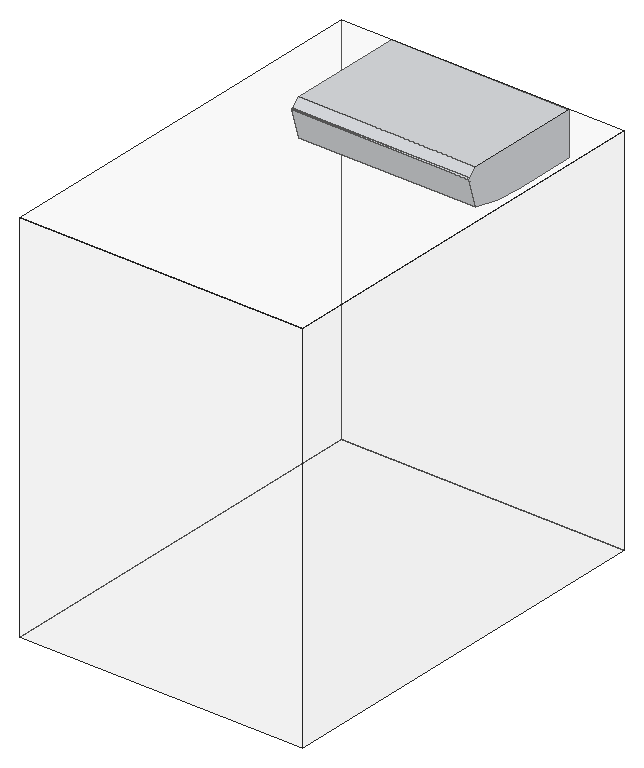
Revit family "pc-rp40160kal20_50hz", category 機械設備, Revit 2019
Family settings
  丸型コネクタ寸法 = 直径を使用
  パーツ タイプ = 標準
  OmniClass 番号 = 23.75.10.24.21.27.27
  OmniClass タイトル = Split System Air Conditioning Units
  作業面ベース = いいえ
  常に垂直 = はい
  ロード時にボイドで切り取り = いいえ
  共有 = いいえ
  部屋計算ポイント = はい
Parameters (values of type "天吊_PC-RP40KA20")
  風量_静 (㎥/min) = 9
  風量_弱 (㎥/min) = 10
  風量_中 (㎥/min) = 11
  風量_強 (㎥/min) = 13
  風量 = MAX風量  # 780.0 m³/h
  音響パワーレベル_静 (dB) = 48
  音響パワーレベル_弱 (dB) = 50
  音響パワーレベル_中 (dB) = 53
  音響パワーレベル(dB) = [音響パワーレベル_強 (dB)]  # 55
  音響パワーレベル_強 (dB) = 55
  電源種別 = ""
  電源_H = 0 mm
  電圧 = 0 V
  電動機出力_送風機 = 0.09 kW
  運転質量 = 0.00 kg
  連動 = ""
  質量 = if(製品質量 > 運転質量, 製品質量, 運転質量) * 1.2  # 28.80 kg
  負荷分類 = 3_ファン類
  説明 = "店舗・事務所用パッケージエアコン(Mr.SLIM) [本体] 天吊形室内機"
  設計暖房能力 = 0.00 kW
  設計冷房能力_顕熱 = 0 kW
  設計冷房能力 = 0 kW
  設置方法 = "天井吊形"
  記号 = ""
  製造元 = "三菱電機株式会社"
  製品質量 = 24.00 kg
  製品出荷対象 = "国内"
  製品リリース年月 = ""
  製品グループ = ""
  背面_液管接続口 = 184 mm
  背面_ドレン管接続口 = 233 mm
  背面_ガス管接続口 = 203 mm
  系統 = ""
  符号 = "ACP-CR"
  積算_科目 = "1 空気調和設備"
  積算_拾い区分 [instance] = ""
  相 = 1
  盤記号 = ""
  発停方法 = "付属スイッチ"
  特殊仕様 = ""
  点検口離隔 [instance] = if(点検口離隔入力値 > 200 mm, 200 mm, if(点検口離隔入力値 < 150 mm, 150 mm, 点検口離隔入力値))  # 150 mm
  点検口離隔入力値 [instance] = 0 mm
  点検口設置範囲 = 0 mm
  点検口 = yes
  火災停止 = ""
  消費電力_暖房 = 0.04 kW
  消費電力_冷房 = 0.05 kW
  消費電力 = if(消費電力_冷房 > 消費電力_暖房, 消費電力_冷房, 消費電力_暖房)  # 0.05 kW
  法定耐用年数 = "6"
  極数 = 1
  材質 = ""
  本体マテリアル = none
  有効加湿量 = 0
  暖房能力 = 4.00 kW
  推奨ブレーカー容量 = 0 A
  形式_加湿器 = ""
  形式 = "天井吊（露出）形"
  幹線記号 = ""
  始動方式 = "直入"
  呼称 = "室内機_天井吊(露出)形"
  周波数 = 50 Hz
  吊り位置Y = 320 mm
  吊り位置X = 917 mm
  吊りボルト_H = 50 mm
  台数_手元リモコン = ""
  台数_冷媒分岐ユニット = ""
  参照している仕様書等のバージョン = "公共建築物標準仕様書（機械設備工事編）平成31年度版"
  加湿給水管径 = 0 mm
  分類コード = "5.0053E+13"
  分類グループ = ""
  冷房能力 = 3.6 kW
  冷媒高低圧ガス管径 = 0 mm
  冷媒管径符号 = "Ac"
  冷媒管径 = 100 mm
  冷媒液管高さ = 126 mm
  冷媒液管径 = 6.35 mm
  冷媒ガス管高さ = 126 mm
  冷媒ガス管径 = 12.7 mm
  価格 = 0
  企業コード = "108420"
  付属品_フィルター = ""
  付属品 = ""
  仕様書バージョン = "Version1.0"
  モデル = "PC-RP40KA20"
  パネルマテリアル = none
  ドレン管高さ = 190 mm
  ドレン管径 (外径) = 26 mm
  ドレン管径 = 20 mm
  サービススペース = yes
  コメント [instance] = ""
  ケーブル種類1 = ""
  ケーブルサイズ1 = 0 mm
  【値が 0 の項目は組合せ形名にてご確認ください】 = ""
  Width = 960 mm
  Version = ""
  Uniclass2015Version = "Systems v1.9"
  Uniclass2015Title = "Split coil remote air cooled condensing units"
  Uniclass2015Code = "Pr_70_65_03_84"
  URL = "https://www.mitsubishielectric.co.jp/ldg/wink/ssl/top.do"
  SpecificationReference = ""
  SpecificationDescription = ""
  Revision = ""
  ProductInformation = ""
  OmniClassCode = "23-33 17 13 11"
  MIN風量 = [風量_静 (㎥/min)] * 60.0 m³/h  # 540.0 m³/h
  MID風量2 = [風量_弱 (㎥/min)] * 60.0 m³/h  # 600.0 m³/h
  MID風量 = [風量_中 (㎥/min)] * 60.0 m³/h  # 660.0 m³/h
  MAX風量 = [風量_強 (㎥/min)] * 60.0 m³/h  # 780.0 m³/h
  IfcTypeProduct = ""
  IfcProduct = ""
  IfcExportType = "AIRCONDITIONINGUNIT"
  IfcExportAs = "IfcUnitaryEquipmentType"
  Height_本体 = 230 mm
  Height = Height_本体 + 6 mm  # 236 mm
  Depth = 680 mm
  Clearance Top = 1 mm
  Clearance Right = 300 mm
  Clearance Left = 270 mm
  Clearance Front = 1500 mm
  Clearance Bottom = 1800 mm
  Clearance Back = 0 mm
  Author = "三菱電機株式会社"
Types (20, lengths in mm): name | 風量_静 (㎥/min) | 風量_弱 (㎥/min) | 風量_中 (㎥/min) | 風量_強 (㎥/min) | 風量 | 音響パワーレベル_静 (dB) | 音響パワーレベル_弱 (dB) | 音響パワーレベル_中 (dB) | 音響パワーレベル(dB) | 音響パワーレベル_強 (dB) | 電動機出力_送風機 | 質量 | 製品質量 | 製品リリース年月 | 背面_液管接続口 | 背面_ガス管接続口 | 消費電力_暖房 | 消費電力_冷房 | 消費電力 | 暖房能力 | 吊り位置X | 冷房能力 | 冷媒管径符号 | 冷媒液管径 | 冷媒ガス管径 | モデル | Width | MIN風量 | MID風量2 | MID風量 | MAX風量
  天吊_PC-RP45KAL20 | 9 | 10 | 11 | 13 | 780.0 m³/h | 48 | 50 | 53 | 55 | 55 | 0.09 kW | 28.80 kg | 24.00 kg | "" | 184 | 203 | 0.04 kW | 0.05 kW | 0.05 kW | 4.50 kW | 917 | 4 kW | "Ac" | 6.35 | 12.7 | "PC-RP45KAL20" | 960 | 540.0 m³/h | 600.0 m³/h | 660.0 m³/h | 780.0 m³/h
  天吊_PC-RP56KAL20 | 10 | 11 | 12 | 13 | 780.0 m³/h | 48 | 50 | 53 | 55 | 55 | 0.09 kW | 30.00 kg | 25.00 kg | "" | 184 | 203 | 0.05 kW | 0.06 kW | 0.06 kW | 5.60 kW | 917 | 5 kW | "Ac" | 6.35 | 12.7 | "PC-RP56KAL20" | 960 | 600.0 m³/h | 660.0 m³/h | 720.0 m³/h | 780.0 m³/h
  天吊_PC-RP71KAL20 | 13 | 16 | 18 | 20 | 1200.0 m³/h | 50 | 53 | 55 | 57 | 57 | 0.095 kW | 38.40 kg | 32.00 kg | "" | 180 | 200 | 0.09 kW | 0.10 kW | 0.10 kW | 7.10 kW | 1237 | 6.3 kW | "Bd" | 9.52 | 15.88 | "PC-RP71KAL20" | 1280 | 780.0 m³/h | 960.0 m³/h | 1080.0 m³/h | 1200.0 m³/h
  天吊_PC-RP80KAL20 | 13 | 16 | 18 | 20 | 1200.0 m³/h | 50 | 53 | 55 | 57 | 57 | 0.095 kW | 38.40 kg | 32.00 kg | "" | 180 | 200 | 0.09 kW | 0.10 kW | 0.10 kW | 8.00 kW | 1237 | 7.1 kW | "Bd" | 9.52 | 15.88 | "PC-RP80KAL20" | 1280 | 780.0 m³/h | 960.0 m³/h | 1080.0 m³/h | 1200.0 m³/h
  天吊_PC-RP112KAL20 | 20 | 22 | 26 | 29 | 1740.0 m³/h | 54 | 56 | 59 | 62 | 62 | 0.16 kW | 45.60 kg | 38.00 kg | "" | 180 | 200 | 0.11 kW | 0.12 kW | 0.12 kW | 11.20 kW | 1557 | 10 kW | "Bd" | 9.52 | 15.88 | "PC-RP112KAL20" | 1600 | 1200.0 m³/h | 1320.0 m³/h | 1560.0 m³/h | 1740.0 m³/h
  天吊_PC-RP140KAL20 | 21 | 24 | 27 | 31 | 1860.0 m³/h | 56 | 58 | 61 | 63 | 63 | 0.16 kW | 45.60 kg | 38.00 kg | "0" | 180 | 200 | 0.13 kW | 0.14 kW | 0.14 kW | 14.00 kW | 1557 | 12.5 kW | "Bd" | 9.52 | 15.88 | "PC-RP140KAL20" | 1600 | 1260.0 m³/h | 1440.0 m³/h | 1620.0 m³/h | 1860.0 m³/h
  天吊_PC-RP160KAL20 | 22 | 25 | 28 | 33 | 1980.0 m³/h | 58 | 60 | 62 | 65 | 65 | 0.16 kW | 45.60 kg | 38.00 kg | "" | 180 | 200 | 0.16 kW | 0.17 kW | 0.17 kW | 16.00 kW | 1557 | 14 kW | "Bd" | 9.52 | 15.88 | "PC-RP160KAL20" | 1600 | 1320.0 m³/h | 1500.0 m³/h | 1680.0 m³/h | 1980.0 m³/h
  天吊_PC-RP63KAL20 | 12 | 14 | 15 | 17 | 1020.0 m³/h | 49 | 51 | 53 | 55 | 55 | 0.095 kW | 38.40 kg | 32.00 kg | "" | 184 | 203 | 0.06 kW | 0.07 kW | 0.07 kW | 6.30 kW | 1237 | 5.6 kW | "Ac" | 6.35 | 12.7 | "PC-RP63KAL20" | 1280 | 720.0 m³/h | 840.0 m³/h | 900.0 m³/h | 1020.0 m³/h
  天吊_PC-RP40KAL20 | 9 | 10 | 11 | 13 | 780.0 m³/h | 48 | 50 | 53 | 55 | 55 | 0.09 kW | 28.80 kg | 24.00 kg | "" | 184 | 203 | 0.04 kW | 0.05 kW | 0.05 kW | 4.00 kW | 917 | 3.6 kW | "Ac" | 6.35 | 12.7 | "PC-RP40KAL20" | 960 | 540.0 m³/h | 600.0 m³/h | 660.0 m³/h | 780.0 m³/h
  天吊_PC-RP50KAL20 | 10 | 11 | 12 | 13 | 780.0 m³/h | 48 | 50 | 53 | 55 | 55 | 0.09 kW | 30.00 kg | 25.00 kg | "" | 184 | 203 | 0.05 kW | 0.06 kW | 0.06 kW | 5.00 kW | 917 | 4.5 kW | "Ac" | 6.35 | 12.7 | "PC-RP50KAL20" | 960 | 600.0 m³/h | 660.0 m³/h | 720.0 m³/h | 780.0 m³/h
  天吊_PC-RP112KA20 | 20 | 22 | 26 | 29 | 1740.0 m³/h | 54 | 56 | 59 | 62 | 62 | 0.16 kW | 45.60 kg | 38.00 kg | "" | 180 | 200 | 0.11 kW | 0.12 kW | 0.12 kW | 11.20 kW | 1557 | 10 kW | "Bd" | 9.52 | 15.88 | "PC-RP112KA20" | 1600 | 1200.0 m³/h | 1320.0 m³/h | 1560.0 m³/h | 1740.0 m³/h
  天吊_PC-RP140KA20 | 21 | 24 | 27 | 31 | 1860.0 m³/h | 56 | 58 | 61 | 63 | 63 | 0.16 kW | 45.60 kg | 38.00 kg | "" | 180 | 200 | 0.13 kW | 0.14 kW | 0.14 kW | 14.00 kW | 1557 | 12.5 kW | "Bd" | 9.52 | 15.88 | "PC-RP140KA20" | 1600 | 1260.0 m³/h | 1440.0 m³/h | 1620.0 m³/h | 1860.0 m³/h
  天吊_PC-RP160KA20 | 22 | 25 | 28 | 33 | 1980.0 m³/h | 58 | 60 | 62 | 65 | 65 | 0.16 kW | 45.60 kg | 38.00 kg | "" | 180 | 200 | 0.16 kW | 0.17 kW | 0.17 kW | 16.00 kW | 1557 | 14 kW | "Bd" | 9.52 | 15.88 | "PC-RP160KA20" | 1600 | 1320.0 m³/h | 1500.0 m³/h | 1680.0 m³/h | 1980.0 m³/h
  天吊_PC-RP40KA20 | 9 | 10 | 11 | 13 | 780.0 m³/h | 48 | 50 | 53 | 55 | 55 | 0.09 kW | 28.80 kg | 24.00 kg | "" | 184 | 203 | 0.04 kW | 0.05 kW | 0.05 kW | 4.00 kW | 917 | 3.6 kW | "Ac" | 6.35 | 12.7 | "PC-RP40KA20" | 960 | 540.0 m³/h | 600.0 m³/h | 660.0 m³/h | 780.0 m³/h
  天吊_PC-RP45KA20 | 9 | 10 | 11 | 13 | 780.0 m³/h | 48 | 50 | 53 | 55 | 55 | 0.09 kW | 28.80 kg | 24.00 kg | "" | 184 | 203 | 0.04 kW | 0.05 kW | 0.05 kW | 4.50 kW | 917 | 4 kW | "Ac" | 6.35 | 12.7 | "PC-RP45KA20" | 960 | 540.0 m³/h | 600.0 m³/h | 660.0 m³/h | 780.0 m³/h
  天吊_PC-RP50KA20 | 10 | 11 | 12 | 13 | 780.0 m³/h | 48 | 50 | 53 | 55 | 55 | 0.09 kW | 30.00 kg | 25.00 kg | "" | 184 | 203 | 0.05 kW | 0.06 kW | 0.06 kW | 5.00 kW | 917 | 4.5 kW | "Ac" | 6.35 | 12.7 | "PC-RP50KA20" | 960 | 600.0 m³/h | 660.0 m³/h | 720.0 m³/h | 780.0 m³/h
  天吊_PC-RP56KA20 | 10 | 11 | 12 | 13 | 780.0 m³/h | 48 | 50 | 53 | 55 | 55 | 0.09 kW | 30.00 kg | 25.00 kg | "" | 184 | 203 | 0.05 kW | 0.06 kW | 0.06 kW | 5.60 kW | 917 | 5 kW | "Ac" | 6.35 | 12.7 | "PC-RP56KA20" | 960 | 600.0 m³/h | 660.0 m³/h | 720.0 m³/h | 780.0 m³/h
  天吊_PC-RP63KA20 | 12 | 14 | 15 | 17 | 1020.0 m³/h | 49 | 51 | 53 | 55 | 55 | 0.095 kW | 38.40 kg | 32.00 kg | "" | 184 | 203 | 0.06 kW | 0.07 kW | 0.07 kW | 6.30 kW | 1237 | 5.6 kW | "Ac" | 6.35 | 12.7 | "PC-RP63KA20" | 1280 | 720.0 m³/h | 840.0 m³/h | 900.0 m³/h | 1020.0 m³/h
  天吊_PC-RP71KA20 | 13 | 16 | 18 | 20 | 1200.0 m³/h | 50 | 53 | 55 | 57 | 57 | 0.095 kW | 38.40 kg | 32.00 kg | "" | 180 | 200 | 0.09 kW | 0.10 kW | 0.10 kW | 7.10 kW | 1237 | 6.3 kW | "Bd" | 9.52 | 15.88 | "PC-RP71KA20" | 1280 | 780.0 m³/h | 960.0 m³/h | 1080.0 m³/h | 1200.0 m³/h
  天吊_PC-RP80KA20 | 13 | 16 | 18 | 20 | 1200.0 m³/h | 50 | 53 | 55 | 57 | 57 | 0.095 kW | 38.40 kg | 32.00 kg | "" | 180 | 200 | 0.09 kW | 0.10 kW | 0.10 kW | 8.00 kW | 1237 | 7.1 kW | "Bd" | 9.52 | 15.88 | "PC-RP80KA20" | 1280 | 780.0 m³/h | 960.0 m³/h | 1080.0 m³/h | 1200.0 m³/h
Reference planes
  plane 1 "中心(正面/背面)": y = 0
  plane 2: z = 0
  plane 3 "中心(左/右)": x = 0
  plane 4: z = 236
  plane 5: y = 260
  plane 6: y = -60
  plane 7: y = 340
  plane 8: y = -340
  plane 9: x = -480
  plane 10: x = 480
  plane 11: x = -750
  plane 12: x = 780
  plane 13 "back": y = 340
  plane 14: y = -1840
  plane 15: z = 237
  plane 16: z = -1800
  plane 17: x = 394
  plane 18: x = 309
  plane 19: z = 110
  plane 20 "液管": y = 156
  plane 21: y = 340
  plane 22 "ガス管": y = 137
  plane 23 "ドレン管": y = 107
  plane 24: x = 342
  plane 25: z = 46
  plane 26: x = -405
  plane 27: x = 351.5
Forms (mm)
  Extrusion 1, solid, detail levels fine
    sketch origin (0, 156, 0) x (0, 0, -1) y (1, 0, 0)
      loop
        circle (-110, 309) r 3.175
    from 0 to 100
  Extrusion 2, solid, detail levels fine
    sketch origin (0, 137, 0) x (0, 0, -1) y (1, 0, 0)
      loop
        circle (-110, 394) r 6.35
    from 0 to 100
  Extrusion 3, solid, detail levels fine
    sketch origin (0, 107, 0) x (0, 0, -1) y (1, 0, 0)
      loop
        circle (-46, 342) r 13
    from 0 to 100
  Extrusion 4, solid, detail levels fine
    sketch origin (0, 107, 0) x (0, 0, -1) y (1, 0, 0)
      loop
        circle (-46, -405) r 13
    from 0 to 100
  Extrusion 5, solid, detail levels fine
    sketch origin (0, 137, 0) x (0, 0, -1) y (1, 0, 0)
      loop
        circle (-110, 351.5) r 50
    from 0 to 120
Dimensions and locks
  "吊り位置Y": plane 6 to plane 5
  equal spacing: plane 8, plane 1 "中心(正面/背面)", plane 7
  "Depth": plane 8 to plane 7
  equal spacing: plane 9, plane 3 "中心(左/右)", plane 10
  "Width": plane 9 to plane 10
  "Clearance Back": plane 7 to plane 13 "back"
  "Clearance Front": plane 14 to plane 8
  "Clearance Right": plane 10 to plane 12
  "Clearance Left": plane 11 to plane 9
  "Height": plane 4 to level
  locked: plane 5 to plane 7 at 80
  "Clearance Bottom": level to plane 16
  "Clearance Top": plane 15 to plane 4
  plane 10 to plane 9 = 960 mm
  "背面_液管接続口": plane 20 "液管" to plane 21
  "背面_ガス管接続口": plane 22 "ガス管" to plane 21
  "背面_ドレン管接続口": plane 23 "ドレン管" to plane 21
  "冷媒ガス管高さ": plane 4 to plane 19
  "ドレン管高さ": plane 4 to plane 25
  plane 17 to plane 27 to plane 18 = 42.5 mm, 42.5 mm
  locked: plane 10 to plane 17 at 86
  locked: plane 17 to plane 18 at 85
  locked: plane 10 to plane 24 at 138
  locked: plane 26 to plane 9 at 75
  diameter of Extrusion 2 = 12.7 mm
  diameter of Extrusion 1 = 6.35 mm
  "ドレン管径 (外径)": diameter of Extrusion 3
  "ドレン管径 (外径)": diameter of Extrusion 4
  aligned and locked: level to plane 2
  aligned and locked: nested 2 to plane 5
  aligned and locked: plane 6 to nested 2
  aligned and locked: nested 1 to plane 11
  aligned and locked: nested 1 to plane 12
  aligned and locked: plane 14 to nested 1
  aligned and locked: plane 13 "back" to nested 1
  aligned and locked: plane 15 to nested 1
  aligned and locked: plane 1 "中心(正面/背面)" to nested 3
  aligned and locked: plane 3 "中心(左/右)" to nested 3
  aligned and locked: plane 16 to nested 1
  aligned and locked: Extrusion 1 to plane 20 "液管"
  aligned and locked: Extrusion 2 to plane 22 "ガス管"
  aligned and locked: Extrusion 3 to plane 23 "ドレン管"
  aligned and locked: Extrusion 4 to plane 23 "ドレン管"
Automatic sketch dimensions
  Extrusion 1 sketch curve to plane 18 = 0 mm
  Extrusion 1 sketch curve to plane 19 = 0 mm
  Extrusion 2 sketch curve to plane 17 = 0 mm
  Extrusion 2 sketch curve to plane 19 = 0 mm
  Extrusion 3 sketch curve to plane 24 = 0 mm
  Extrusion 3 sketch curve to plane 25 = 0 mm
  Extrusion 4 sketch curve to plane 25 = 0 mm
  Extrusion 4 sketch curve to plane 26 = 0 mm
  Extrusion 5 sketch curve to plane 19 = 0 mm
  Extrusion 5 sketch curve to plane 27 = 0 mm
  radius of Extrusion 1 sketch curve = 3.175 mm
  radius of Extrusion 2 sketch curve = 6.35 mm
  radius of Extrusion 3 sketch curve = 13 mm
  radius of Extrusion 4 sketch curve = 13 mm
  radius of Extrusion 5 sketch curve = 50 mm
Nested families
  nested 1: "サービススペース" at (15, -750, -781.5), visible <- "サービススペース", type "サービススペース"
    with Width 1530 mm, Height 2037 mm, Depth 2180 mm
  nested 2: "固定点" at (-458.5, -60, 0), type "固定点"
    with W 917 mm, D 320 mm
  nested 3: "PCFY-P-KMG" at (0, 0, 0), type "PCFY-P-KMG", detail levels fine
Connectors
  electrical at (196, 339, 206), driven by "極数", driven by "負荷分類", driven by "電圧", driven by "消費電力"
    settings: on nested 3, index 1, voltage 0 V, apparent load 50 VA, apparent load phase1 0 VA, apparent load phase2 0 VA, apparent load phase3 0 VA, power factor 1, load classification "3_ファン類", number of poles 1, system type 30, power factor state 1, is connector primary yes, connector utility no, sub classification motor no, connector description ""
  piping at (351.5, 137, 110), diameter 100, driven by "冷媒管径"
    settings: on Extrusion 5, index 2, connector inside diameter 609.6 mm, connector length 0 mm, flow factor 0, pipe flow 0.0 L/s, pressure drop 0.0 Pa, fitting loss kfactor 0, connector angle 0.00°, fixture units 0, engagement length 0 mm, angle of deflection 0.00°, flow configuration 1, flow direction 1, fitting loss method 4, system type 7, joint type 0, gender type 0, connector reference index -1, connector utility 0, adjustable connector no, is connector primary yes, connector description "冷媒管"
  piping at (342, 107, 46), diameter 20, driven by "ドレン管径"
    settings: on Extrusion 3, index 3, connector inside diameter 609.6 mm, connector length 0 mm, flow factor 0, pipe flow 0.0 L/s, pressure drop 0.0 Pa, fitting loss kfactor 0, connector angle 0.00°, fixture units 0, engagement length 0 mm, angle of deflection 0.00°, flow configuration 1, flow direction 2, fitting loss method 0, system type 16, joint type 0, gender type 0, connector reference index -1, connector utility 0, adjustable connector no, is connector primary no, connector description "ドレン管1"
  piping at (-405, 107, 46), diameter 20, driven by "ドレン管径"
    settings: on Extrusion 4, index 4, connector inside diameter 609.6 mm, connector length 0 mm, flow factor 0, pipe flow 0.0 L/s, pressure drop 0.0 Pa, fitting loss kfactor 0, connector angle 0.00°, fixture units 0, engagement length 0 mm, angle of deflection 0.00°, flow configuration 1, flow direction 2, fitting loss method 0, system type 16, joint type 0, gender type 0, connector reference index -1, connector utility 0, adjustable connector no, is connector primary no, connector description "ドレン管2"
Definition of nested family "サービススペース"
  Parameters (values of type "サービススペース")
    Width [instance] = 500 mm
    Height [instance] = 500 mm
    Depth [instance] = 500 mm
  Reference planes
    plane 1 "中心(正面/背面)": y = 0
    plane 2: z = 0
    plane 3 "中心(左/右)": x = 0
    plane 4: y = -250
    plane 5: x = 250
    plane 6: y = 250
    plane 7: x = -250
    plane 8: z = 250
    plane 9: z = -250
  Forms (mm)
    Extrusion 1, solid
      sketch origin (-638.939, 0, 72.39) x (1, 0, 0) y (0, 1, 0)
        loop
          line (388.939, 250) -> (388.939, -250) -> (888.939, -250) -> (888.939, 250) -> (388.939, 250)
      from -322.39 to 177.61
  Lines and regions (mm)
    symbolic lines
      curve 1: line (-250, 0, 250) -> (250, 0, 250)
      curve 2: line (-250, 0, -250) -> (-250, 0, 250)
      curve 3: line (250, 0, -250) -> (-250, 0, -250)
      curve 4: line (250, 0, 250) -> (250, 0, -250)
      curve 5: line (0, -250, 250) -> (0, 250, 250)
      curve 6: line (0, -250, -250) -> (0, -250, 250)
      curve 7: line (0, 250, -250) -> (0, -250, -250)
      curve 8: line (0, 250, 250) -> (0, 250, -250)
      curve 9: line (-250, 250, 0) -> (250, 250, 0)
      curve 10: line (-250, -250, 0) -> (-250, 250, 0)
      curve 11: line (250, -250, 0) -> (-250, -250, 0)
      curve 12: line (250, 250, 0) -> (250, -250, 0)
  Dimensions and locks
    equal spacing: plane 7, plane 3 "中心(左/右)", plane 5
    equal spacing: plane 4, plane 1 "中心(正面/背面)", plane 6
    "Depth": plane 4 to plane 6
    "Width": plane 7 to plane 5
    equal spacing: plane 8, plane 2, plane 9
    "Height": plane 8 to plane 9
    aligned and locked: plane 9 to curve 3
    aligned and locked: plane 7 to curve 2
    aligned and locked: curve 4 to plane 5
    aligned and locked: plane 5 to Extrusion 1
    aligned and locked: Extrusion 1 to plane 7
    aligned and locked: Extrusion 1 to plane 9
    aligned and locked: plane 8 to Extrusion 1
    aligned and locked: plane 9 to curve 7
  Automatic sketch dimensions
    plane 4 to Extrusion 1 sketch curve = 0 mm
    Extrusion 1 sketch curve to plane 7 = 0 mm
    Extrusion 1 sketch curve to plane 5 = 0 mm
    plane 6 to Extrusion 1 sketch curve = 0 mm
    curve 2 to plane 8 = 0 mm
    plane 4 to curve 11 = 0 mm
    curve 11 to plane 7 = 0 mm
    curve 11 to plane 5 = 0 mm
    plane 6 to curve 10 = 0 mm
    curve 7 to plane 4 = 0 mm
    curve 7 to plane 6 = 0 mm
    curve 6 to plane 8 = 0 mm
Definition of nested family "PCFY-P-KMG"
  Parameters (values of type "PCFY-P-KMG")
    配線取出口サイズ = 22 mm
    配線取出口-Z = 0 mm
    配線取出口-Y = 0 mm
    配線取出口-X = 0 mm
    液配管サイズ = 100 mm
    高さ = 236 mm
    奥行き = 680 mm
    吊りボルト_H = 50 mm
    冷媒配管サイズ = 6.35 mm
    冷媒液管径-Z = 0 mm
    冷媒液管径-Y = 0 mm
    冷媒液管径-X = 0 mm
    冷媒ガス管径-Z = 0 mm
    冷媒ガス管径-Y = 0 mm
    冷媒ガス管径-X = 0 mm
    吊りボルト-W = 917 mm
    マテリアル = none
    ドレン配管サイズ = 26 mm
    ドレン管径-Z = 0 mm
    ドレン管径-Y = 0 mm
    ドレン管径-X = 0 mm
    ガス配管サイズ = 12.7 mm
    吊りボルト-D = 320 mm
    幅さ = 960 mm
  Reference planes
    plane 1 "中心(正面/背面)": y = 0
    plane 2: z = 0
    plane 3 "中心(左/右)": x = 0
    plane 4: z = 236
    plane 5: x = -480
    plane 6: x = 480
    plane 7: y = 340
    plane 8: y = -340
    plane 9: y = -289
    plane 10: y = -330
    plane 11: y = -335
    plane 12: z = 84
    plane 13: z = 172
    plane 14: z = 195
    plane 15: z = 200
    plane 16: z = 40
    plane 17: x = -426.5
    plane 18: x = 426.5
    plane 19: y = -136
    plane 20: y = -193
    plane 21: y = 86
    plane 22: z = 110
    plane 23: x = -469
    plane 24: y = 156
    plane 25: y = 137
    plane 26: y = 94
    plane 27: x = -158
    plane 28: z = 206
    plane 29: x = 196
    plane 30: x = 158
    plane 31: y = 140
  Forms (mm)
    Extrusion 1, solid, material <- "マテリアル"
      sketch origin (480, 1296.25, 1200) x (0, 1, 0) y (0, 0, 1)
        loop
          line (-1585.25, -964) -> (-1626.25, -1000) -> (-1631.25, -1000) -> (-1636.25, -1005) -> (-1585.25, -1160)
          arc (-1585.25, -1160) -> (-1442.128, -1189.953) -> (-1296.25, -1200) r 1064.013
          line (-1296.25, -1200) -> (-956.25, -1200) -> (-956.25, -964) -> (-1585.25, -964)
      from -960 to 0
    Extrusion 2, solid, material <- "マテリアル"
      sketch origin (674, 0, 0) x (1, 0, 0) y (0, 0, 1)
        loop
          circle (-478, 206) r 11
      from -339 to -340
    Extrusion 3, solid, material <- "マテリアル"
      sketch origin (636, 0, 0) x (1, 0, 0) y (0, 0, 1)
        loop
          circle (-478, 206) r 11
      from -339 to -340
    Extrusion 4, solid, material <- "マテリアル"
      sketch origin (674, 0, -169) x (1, 0, 0) y (0, 0, 1)
        loop
          circle (-478, 206) r 11
      from -339 to -340
    Extrusion 5, solid, material <- "マテリアル"
      sketch origin (636, 0, -169) x (1, 0, 0) y (0, 0, 1)
        loop
          circle (-478, 206) r 11
      from -339 to -340
  Lines and regions (mm)
    model lines
      curve 1: line (426.5, -303.59, 84.341) -> (426.5, -332.355, 171.766)
      curve 2: line (426.5, -332.355, 171.766) -> (-426.5, -332.355, 171.766)
      curve 3: line (-426.5, -303.59, 84.341) -> (426.5, -303.59, 84.341)
      curve 4: line (-426.5, -332.355, 171.766) -> (-426.5, -303.59, 84.341)
      curve 5: line (-426.5, 310, 0) -> (-426.5, 86, 0)
      curve 6: line (426.5, 310, 0) -> (426.5, 86, 0)
      curve 7: line (426.5, 310, 0) -> (-426.5, 310, 0)
      curve 8: line (426.5, 86, 0) -> (-426.5, 86, 0)
      curve 9: line (426.5, 294, 0) -> (-426.5, 294, 0)
      curve 10: line (426.5, 278, 0) -> (-426.5, 278, 0)
      curve 11: line (426.5, 262, 0) -> (-426.5, 262, 0)
      curve 12: line (426.5, 246, 0) -> (-426.5, 246, 0)
      curve 13: line (426.5, 230, 0) -> (-426.5, 230, 0)
      curve 14: line (426.5, 214, 0) -> (-426.5, 214, 0)
      curve 15: line (426.5, 198, 0) -> (-426.5, 198, 0)
      curve 16: line (426.5, 182, 0) -> (-426.5, 182, 0)
      curve 17: line (426.5, 166, 0) -> (-426.5, 166, 0)
      curve 18: line (426.5, 150, 0) -> (-426.5, 150, 0)
      curve 19: line (426.5, 134, 0) -> (-426.5, 134, 0)
      curve 20: line (426.5, 118, 0) -> (-426.5, 118, 0)
      curve 21: line (426.5, 102, 0) -> (-426.5, 102, 0)
  Dimensions and locks
    equal spacing: plane 8, plane 1 "中心(正面/背面)", plane 7
    "奥行き": plane 8 to plane 7
    equal spacing: plane 5, plane 3 "中心(左/右)", plane 6
    "幅さ": plane 5 to plane 6
    "高さ": plane 4 to level
    locked: plane 8 to plane 11 at 5
    locked: plane 8 to plane 10 at 10
    locked: plane 8 to plane 9 at 51
    locked: plane 12 to level at 84
    locked: plane 14 to level at 195
    locked: plane 15 to level at 200
    locked: plane 16 to level at 40
    plane 17 to plane 18 = 853 mm
    locked: plane 5 to plane 17 at 53.5
    locked: plane 18 to plane 6 at 53.5
    locked: plane 13 to plane 12 at 88
    locked: plane 20 to plane 19 at 57
    locked: plane 19 to plane 7 at 476
    locked: plane 21 to plane 7 at 254
    locked: plane 4 to plane 22 at 126
    locked: plane 26 to plane 7 at 246
    locked: plane 24 to plane 7 at 184
    locked: plane 25 to plane 7 at 203
    locked: plane 5 to plane 27 at 322
    locked: plane 4 to plane 28 at 30
    plane 6 to plane 29 = 284 mm
    plane 29 to plane 30 = 38 mm
    "配線取出口サイズ": diameter of Extrusion 2 sketch curve
    "配線取出口サイズ": diameter of Extrusion 3 sketch curve
    "配線取出口サイズ": diameter of Extrusion 4 sketch curve
    "配線取出口サイズ": diameter of Extrusion 5 sketch curve
    aligned and locked: level to plane 2
    aligned and locked: Extrusion 1 sketch curve to plane 4
    aligned and locked: Extrusion 1 sketch curve to plane 7
    aligned and locked: Extrusion 1 sketch curve to level
    aligned and locked: plane 15 to Extrusion 1 sketch curve
    aligned and locked: plane 14 to Extrusion 1 sketch curve
    aligned and locked: plane 16 to Extrusion 1 sketch curve
    aligned and locked: Extrusion 1 to plane 5
    aligned and locked: plane 6 to Extrusion 1
    aligned and locked: curve 4 to plane 17
    aligned and locked: plane 18 to curve 1
    aligned and locked: curve 5 to plane 17
    aligned and locked: curve 6 to plane 18
    aligned and locked: curve 8 to plane 21
    aligned and locked: plane 28 to Extrusion 2 sketch curve
    aligned and locked: plane 7 to Extrusion 2
  Automatic sketch dimensions
    plane 7 to curve 7 = 30 mm
    curve 21 to plane 26 = 8 mm
    curve 21 to curve 20 = 16 mm
    plane 25 to curve 19 = 3 mm
    plane 24 to curve 18 = 6 mm
    curve 17 to plane 24 = 10 mm
    curve 17 to curve 16 = 16 mm
    curve 16 to curve 15 = 16 mm
    curve 15 to curve 14 = 16 mm
    curve 14 to curve 13 = 16 mm
    curve 13 to curve 12 = 16 mm
    curve 12 to curve 11 = 16 mm
    curve 11 to curve 10 = 16 mm
    curve 10 to curve 9 = 16 mm
    Extrusion 1 sketch curve to plane 8 = 0 mm
    Extrusion 1 sketch curve to plane 11 = 0 mm
    Extrusion 1 sketch curve to plane 10 = 0 mm
    Extrusion 1 sketch curve to plane 9 = 0 mm  (x2)
    Extrusion 1 sketch curve to plane 1 "中心(正面/背面)" = 0 mm
    Extrusion 1 to curve 1 = 24.459 mm
    curve 3 to Extrusion 1 = 46.68 mm
    Extrusion 1 to curve 4 = 53.5 mm
    Extrusion 1 to curve 3 = 53.5 mm
    Extrusion 2 sketch curve to plane 29 = 0 mm
    Extrusion 3 sketch curve to plane 28 = 0 mm
    Extrusion 3 sketch curve to plane 30 = 0 mm
    Extrusion 4 sketch curve to plane 29 = 0 mm
    Extrusion 4 sketch curve to plane 16 = 3 mm
    Extrusion 5 sketch curve to plane 30 = 0 mm
    Extrusion 5 sketch curve to plane 16 = 3 mm
Definition of nested family "固定点"
  Parameters (values of type "固定点")
    中心円 = 20 mm
    W [instance] = 1000 mm
    D [instance] = 1000 mm
  Reference planes
    plane 1 "中心(正面/背面)": y = 0
    plane 2: z = 0
    plane 3 "中心(左/右)": x = 0
    plane 4: x = 1000
    plane 5: y = 1000
  Lines and regions (mm)
    symbolic lines, detail levels fine
      curve 1: circle (0, 1000, 0) r 10 normal (0, 0, 1)
      curve 2: circle (0, 0, 0) r 10 normal (0, 0, 1)
      curve 3: circle (1000, 1000, 0) r 10 normal (0, 0, 1)
      curve 4: circle (1000, 0, 0) r 10 normal (0, 0, 1)
      curve 5: line (-200, 1000, 0) -> (1200, 1000, 0)
      curve 6: line (-200, 0, 0) -> (1200, 0, 0)
      curve 7: line (0, 1200, 0) -> (0, -200, 0)
      curve 8: line (1000, 1200, 0) -> (1000, -200, 0)
  Dimensions and locks
    "W": plane 3 "中心(左/右)" to plane 4
    "D": plane 1 "中心(正面/背面)" to plane 5
    "中心円": diameter of curve 1
    "中心円": diameter of curve 2
    "中心円": diameter of curve 3
    "中心円": diameter of curve 4
    aligned and locked: level to plane 2
    aligned and locked: plane 5 to curve 1
    aligned and locked: plane 3 "中心(左/右)" to curve 1
    aligned and locked: plane 3 "中心(左/右)" to curve 2
    aligned and locked: plane 1 "中心(正面/背面)" to curve 2
    aligned and locked: plane 4 to curve 3
    aligned and locked: plane 5 to curve 3
    aligned and locked: plane 1 "中心(正面/背面)" to curve 4
    aligned and locked: plane 4 to curve 4
    aligned and locked: plane 1 "中心(正面/背面)" to curve 6
    aligned and locked: curve 7 to plane 3 "中心(左/右)"
    aligned and locked: curve 8 to plane 4
  Automatic sketch dimensions
    curve 5 to plane 5 = 0 mm
    curve 6 to plane 3 "中心(左/右)" = 200 mm
    curve 5 to plane 3 "中心(左/右)" = 200 mm
    curve 4 to curve 6 = 200 mm
    curve 3 to curve 5 = 200 mm
    plane 1 "中心(正面/背面)" to curve 8 = 200 mm
    plane 1 "中心(正面/背面)" to curve 7 = 200 mm
    curve 3 to curve 8 = 200 mm
    curve 1 to curve 7 = 200 mm
